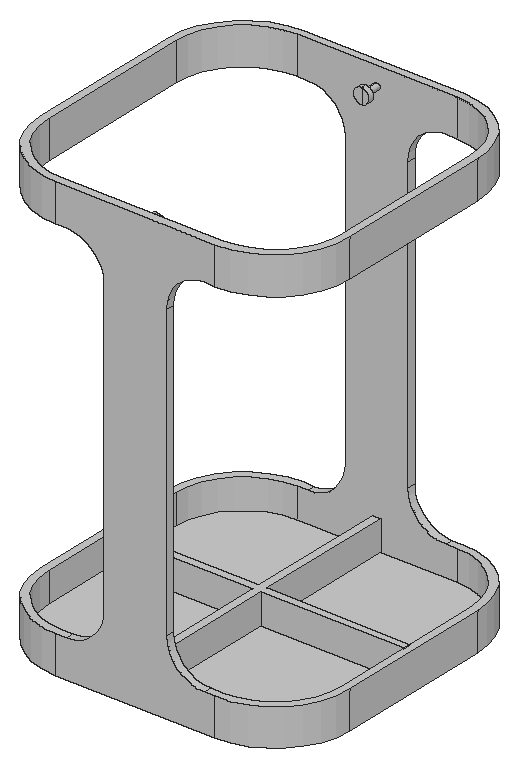
Revit family "Maguson-Drip-UmbrellaStand+", category Furniture, Revit 2020
Family settings
  OmniClass Number = 23.40.20.00
  OmniClass Title = General Furniture and Specialties
  Work Plane-Based = No
  Always vertical = Yes
  Cut with Voids When Loaded = No
  Shared = No
  Room Calculation Point = No
Parameters (values of type "DRIP")
  Width = 12 3/8"
  URL = "https://magnusongroup.com"
  Type Comments = "Umbrella Stand"  # constant formula
  Salvage or Reuse = yes
  Revit Model Built By = "https://servex-us.com/servex-revit/"
  Product Documentation Link = "https://magnusongroup.com/products/umbrellastands/drip.html"
  Percentage of Recycled Content = 0
  Model = "DRIP"
  Manufacturer = "Magnuson Group"  # constant formula
  Low Emitting Material = yes
  Low Emitting Finish = yes
  Keynote = "12500"
  Height = 17 11/16"
  Description = "Umbrella stand in epoxy coated steel with removable drip tray. 17 11/16” x 12 3/8”  x 12 3/8\""
  Depth = 12 3/8"
  Default Elevation = 0"
  Base Finish = MAG - Steel Epoxy Coated
  Assembly Code = "E2020200"
Reference planes (in)
  plane 1 "Center (Front/Back)": y = 0.01377
  plane 2: z = 0
  plane 3 "Center (Left/Right)": x = 0
  plane 4: z = 17.6875
Forms (in)
  Extrusion 1, solid, material "MAG - Steel Epoxy Coated" <- "Base Finish"
    sketch origin (0, 0, 0) x (1, 0, 0) y (0, 1, 0)
      loop
        line (-6.1875, 3.20127) -> (-6.1875, -3.17373)
        arc (-6.1875, -3.17373) -> (-5.30882, -5.29505) -> (-3.1875, -6.17373) r 3
        line (-3.1875, -6.17373) -> (3.1875, -6.17373)
        arc (3.1875, -6.17373) -> (5.30882, -5.29505) -> (6.1875, -3.17373) r 3
        line (6.1875, -3.17373) -> (6.1875, 3.20127)
        arc (6.1875, 3.20127) -> (5.30882, 5.32259) -> (3.1875, 6.20127) r 3
        line (3.1875, 6.20127) -> (-3.1875, 6.20127)
        arc (-3.1875, 6.20127) -> (-5.30882, 5.32259) -> (-6.1875, 3.20127) r 3
    from 0 to 17.6875
  Extrusion 2, void
    sketch origin (0, 0, 0) x (1, 0, 0) y (0, 1, 0)
      loop
        line (-5.875, 3.20127) -> (-5.875, -3.17373)
        arc (-5.875, -3.17373) -> (-5.08785, -5.07408) -> (-3.1875, -5.86123) r 2.6875
        line (-3.1875, -5.86123) -> (3.1875, -5.86123)
        arc (3.1875, -5.86123) -> (5.08785, -5.07408) -> (5.875, -3.17373) r 2.6875
        line (5.875, -3.17373) -> (5.875, 3.20127)
        arc (5.875, 3.20127) -> (5.08785, 5.10162) -> (3.1875, 5.88877) r 2.6875
        line (3.1875, 5.88877) -> (-3.1875, 5.88877)
        arc (-3.1875, 5.88877) -> (-5.08785, 5.10162) -> (-5.875, 3.20127) r 2.6875
    from 0.3 to 17.6875
  Extrusion 3, void
    sketch origin (0, 0.01377, 0) x (1, 0, 0) y (0, 0, 1)
      loop
        line (-1.25375, 3) -> (-1.25375, 14.69)
        arc (-1.25375, 14.69) -> (-1.69309, 15.75066) -> (-2.75375, 16.19) r 1.5
        line (-2.75375, 16.19) -> (-6.6875, 16.19) -> (-6.6875, 1.5) -> (-2.75375, 1.5)
        arc (-2.75375, 1.5) -> (-1.69309, 1.93934) -> (-1.25375, 3) r 1.5
      loop
        arc (1.25375, 3) -> (1.69309, 1.93934) -> (2.75375, 1.5) r 1.5
        line (2.75375, 1.5) -> (6.6875, 1.5) -> (6.6875, 16.19) -> (2.75375, 16.19)
        arc (2.75375, 16.19) -> (1.69309, 15.75066) -> (1.25375, 14.69) r 1.5
        line (1.25375, 14.69) -> (1.25375, 3)
    from -6.1875 to 6.1875
  Extrusion 4, solid, material "MAG - Steel Epoxy Coated" <- "Base Finish"
    sketch origin (0, 0, 0) x (1, 0, 0) y (0, 1, 0)
      loop
        line (-0.15687, 5.88877) -> (-0.15687, 0.19358) -> (-5.875, 0.19358) -> (-5.875, -0.10642) -> (-0.15687, -0.10642) -> (-0.15687, -5.86123) -> (0.14312, -5.86123) -> (0.14312, -0.10642) -> (5.875, -0.10642) -> (5.875, 0.19358) -> (0.14312, 0.19358) -> (0.14312, 5.88877) -> (-0.15687, 5.88877)
    from 0.3 to 1.50841
  Revolve 5, solid, material "MAG - Steel Epoxy Coated" <- "Base Finish"
    sketch origin (0, 0, 0) x (0, 1, 0) y (0, 0, 1)
      loop
        line (5.11934, 16.93746) -> (5.89753, 16.93746) -> (5.89753, 17.06054) -> (5.31934, 17.06054) -> (5.31934, 17.23746) -> (5.11934, 17.23746) -> (5.11934, 16.93746)
      loop
        line (-5.0918, 16.93746) -> (-5.0918, 17.23746) -> (-5.2918, 17.23746) -> (-5.2918, 17.06054) -> (-5.86999, 17.06054) -> (-5.86999, 16.93746) -> (-5.0918, 16.93746)
      axis (5.89753, 16.93746) -> (-5.86999, 16.93746)
    angle from 0 to 360
Cuts and joins
  Extrusion 2, Extrusion 3 cuts Extrusion 1
Lines and regions (in)
  symbolic lines
    curve 1: line (3.1875, 6.20127, 0) -> (-3.1875, 6.20127, 0)
    curve 2: arc (-3.1875, 6.20127, 0) -> (-5.30882, 5.32259, 0) -> (-6.1875, 3.20127, 0) r 3
    curve 3: line (-6.1875, 3.20127, 0) -> (-6.1875, -3.17373, 0)
    curve 4: arc (-6.1875, -3.17373, 0) -> (-5.30882, -5.29505, 0) -> (-3.1875, -6.17373, 0) r 3
    curve 5: line (-3.1875, -6.17373, 0) -> (3.1875, -6.17373, 0)
    curve 6: arc (3.1875, -6.17373, 0) -> (5.30882, -5.29505, 0) -> (6.1875, -3.17373, 0) r 3
    curve 7: line (6.1875, -3.17373, 0) -> (6.1875, 3.20127, 0)
    curve 8: arc (6.1875, 3.20127, 0) -> (5.30882, 5.32259, 0) -> (3.1875, 6.20127, 0) r 3
    curve 9: line (-3.1875, 5.88877, 0) -> (3.1875, 5.88877, 0)
    curve 10: arc (3.1875, 5.88877, 0) -> (5.08785, 5.10162, 0) -> (5.875, 3.20127, 0) r 2.6875
    curve 11: line (5.875, 3.20127, 0) -> (5.875, -3.17373, 0)
    curve 12: arc (5.875, -3.17373, 0) -> (5.08785, -5.07408, 0) -> (3.1875, -5.86123, 0) r 2.6875
    curve 13: line (3.1875, -5.86123, 0) -> (-3.1875, -5.86123, 0)
    curve 14: arc (-3.1875, -5.86123, 0) -> (-5.08785, -5.07408, 0) -> (-5.875, -3.17373, 0) r 2.6875
    curve 15: line (-5.875, -3.17373, 0) -> (-5.875, 3.20127, 0)
    curve 16: arc (-5.875, 3.20127, 0) -> (-5.08785, 5.10162, 0) -> (-3.1875, 5.88877, 0) r 2.6875
    curve 17: line (-0.15687, 5.88877, 0) -> (-0.15687, 0.19358, 0)
    curve 18: line (0.14312, 0.19358, 0) -> (0.14312, 5.88877, 0)
    curve 19: line (0.14312, -0.10642, 0) -> (5.875, -0.10642, 0)
    curve 20: line (5.875, 0.19358, 0) -> (0.14312, 0.19358, 0)
    curve 21: line (0.14312, -5.86123, 0) -> (0.14312, -0.10642, 0)
    curve 22: line (-0.15687, -0.10642, 0) -> (-0.15687, -5.86123, 0)
    curve 23: line (-5.875, -0.10642, 0) -> (-0.15687, -0.10642, 0)
    curve 24: line (-0.15687, 0.19358, 0) -> (-5.875, 0.19358, 0)
Dimensions and locks (in)
  group 1 to group 2 = 11"
  group 1 to group 2 = 0"  (x2)
  "Height": plane 4 to plane 2
  aligned and locked: level to plane 2
Automatic sketch dimensions
  Extrusion 1 sketch curve to plane 3 "Center (Left/Right)" = 6 3/16"
  Extrusion 1 sketch curve to plane 3 "Center (Left/Right)" = 3 3/16"  (x2)
  plane 3 "Center (Left/Right)" to Extrusion 1 sketch curve = 3 3/16"
  Extrusion 1 sketch curve to Extrusion 1 sketch curve = 3"  (x2)
  plane 1 "Center (Front/Back)" to Extrusion 1 sketch curve = 6 3/16"
  Extrusion 1 sketch curve to plane 1 "Center (Front/Back)" = 3 3/16"
  Extrusion 2 sketch curve to plane 3 "Center (Left/Right)" = 5 7/8"
  Extrusion 2 sketch curve to plane 3 "Center (Left/Right)" = 3 3/16"
  Extrusion 2 sketch curve to Extrusion 2 sketch curve = 2 11/16"  (x2)
  plane 3 "Center (Left/Right)" to Extrusion 2 sketch curve = 3 3/16"  (x2)
  plane 1 "Center (Front/Back)" to Extrusion 2 sketch curve = 5 7/8"
  Extrusion 2 sketch curve to plane 1 "Center (Front/Back)" = 3 3/16"
  level to Extrusion 3 sketch curve = 1 1/2"  (x2)
  Extrusion 3 sketch curve to plane 3 "Center (Left/Right)" = 6 11/16"
  Extrusion 3 sketch curve to plane 4 = 1.4975"
  Extrusion 3 sketch curve to plane 3 "Center (Left/Right)" = 2.75375"  (x2)
  Extrusion 3 sketch curve to plane 3 "Center (Left/Right)" = 1.25375"
  plane 3 "Center (Left/Right)" to Extrusion 3 sketch curve = 1.25375"
  Extrusion 3 sketch curve to Extrusion 3 sketch curve = 1 1/2"  (x2)
  Extrusion 3 sketch curve to Extrusion 3 sketch curve = 3.93375"
  Extrusion 3 sketch curve to Extrusion 3 sketch curve = 0"
  plane 1 "Center (Front/Back)" to Extrusion 4 sketch curve = 0.12019"  (x2)
  Extrusion 4 sketch curve to plane 3 "Center (Left/Right)" = 5 7/8"
  Extrusion 4 sketch curve to plane 3 "Center (Left/Right)" = 0.15687"  (x2)
  plane 3 "Center (Left/Right)" to Extrusion 4 sketch curve = 0.14312"  (x2)
  Extrusion 4 sketch curve to Extrusion 4 sketch curve = 5.73188"
  Extrusion 4 sketch curve to Extrusion 4 sketch curve = 5.75481"
  Extrusion 4 sketch curve to plane 1 "Center (Front/Back)" = 0.17981"  (x2)
  Extrusion 4 sketch curve to Extrusion 4 sketch curve = 5.69519"
  Revolve 5 sketch curve to plane 4 = 0.75004"  (x2)
  plane 1 "Center (Front/Back)" to Revolve 5 sketch curve = 5.88376"
  Revolve 5 sketch curve to Revolve 5 sketch curve = 0.57819"  (x2)
  Revolve 5 sketch curve to Revolve 5 sketch curve = 0.2"  (x2)
  Revolve 5 sketch curve to plane 1 "Center (Front/Back)" = 5.10557"
  Revolve 5 sketch curve to Revolve 5 sketch curve = 0.12308"  (x2)
  Revolve 5 sketch curve to Revolve 5 sketch curve = 0.17692"  (x2)
  Revolve 5 sketch curve to Revolve 5 sketch curve = 0"  (x3)
  curve 3 to plane 3 "Center (Left/Right)" = 6 3/16"
  curve 5 to plane 3 "Center (Left/Right)" = 3 3/16"
  curve 1 to plane 3 "Center (Left/Right)" = 3 3/16"
  plane 3 "Center (Left/Right)" to curve 1 = 3 3/16"
  plane 3 "Center (Left/Right)" to curve 5 = 3 3/16"
  curve 8 to curve 7 = 3"
  plane 1 "Center (Front/Back)" to curve 5 = 6 3/16"
  curve 2 to plane 1 "Center (Front/Back)" = 3 3/16"
  curve 2 to curve 16 = 0"  (x2)
  curve 4 to curve 14 = 0"  (x2)
  curve 6 to curve 12 = 0"  (x2)
  curve 8 to curve 10 = 0"
  curve 2 to curve 15 = 5/16"
  curve 17 to plane 3 "Center (Left/Right)" = 0.15687"
  curve 17 to plane 1 "Center (Front/Back)" = 0.17981"
  plane 3 "Center (Left/Right)" to curve 18 = 0.14312"
  curve 18 to plane 1 "Center (Front/Back)" = 0.17981"
  plane 3 "Center (Left/Right)" to curve 19 = 0.14312"
  plane 1 "Center (Front/Back)" to curve 19 = 0.12019"
  curve 22 to plane 3 "Center (Left/Right)" = 0.15687"
  plane 1 "Center (Front/Back)" to curve 22 = 0.12019"
